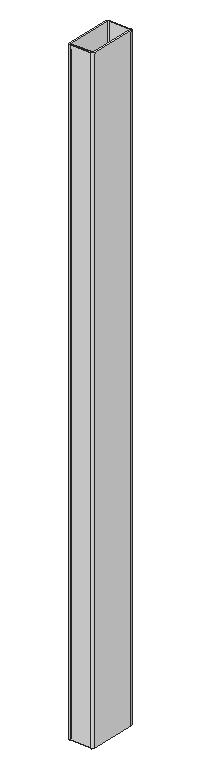
Revit family "RHS-Rectangular Hollow Section-Column", category 구조 기둥, Revit 2026
Family settings
  단면 모양 = 정의되지 않음
  모델 동작 재료 = 스틸
  항상 형상으로 내보내기 = 아니오
  평면의 보 전환 = 경계 상자에서
  로드될 때 보이드를 사용하여 절단 = 아니오
  기호 표현 = 프로젝트 설정에서
  공유 = 아니오
  평면도에서 미리 절단된 패밀리 표시 = 예
Parameters (values of type "200x100xRHS")
  Structural Material [instance] = Metal - Steel - 345 MPa
  A = 28.70 m²
  Ix = 0
  M = 22.6
  Zx = 0
  b = 100 mm
  h = 200 mm
  tr = 2 * t  # 10 mm
  t = 5 mm
Reference planes
  plane 1 "Center (Front/Back)": y = 0
  plane 2: z = 0
  plane 3 "Center (Left/Right)": x = 0
  plane 4: x = -50
  plane 5: x = 50
  plane 6: y = 100
  plane 7: y = -100
  plane 8: x = -40
  plane 9: y = -90
  plane 10: y = 90
  plane 11: x = 40
Forms (mm)
  Extrusion 1, solid, material "Metal - Steel - 345 MPa" <- "Structural Material", detail levels medium
    sketch origin (0, 0, 0) x (1, 0, 0) y (0, 1, 0)
      loop
        line (-50, 100) -> (-50, -100) -> (50, -100) -> (50, 100) -> (-50, 100)
      loop
        line (-45, 95) -> (-45, -95) -> (45, -95) -> (45, 95) -> (-45, 95)
    from 0 to 2500
  Extrusion 2, solid, material "Metal - Steel - 345 MPa" <- "Structural Material", detail levels fine
    sketch origin (0, 0, 0) x (1, 0, 0) y (0, 1, 0)
      loop
        arc (-40, 100) -> (-47.071, 97.071) -> (-50, 90) r 10
        line (-50, 90) -> (-50, -90)
        arc (-50, -90) -> (-47.071, -97.071) -> (-40, -100) r 10
        line (-40, -100) -> (40, -100)
        arc (40, -100) -> (47.071, -97.071) -> (50, -90) r 10
        line (50, -90) -> (50, 90)
        arc (50, 90) -> (47.071, 97.071) -> (40, 100) r 10
        line (40, 100) -> (-40, 100)
      loop
        arc (-40, 95) -> (-43.536, 93.536) -> (-45, 90) r 5
        line (-45, 90) -> (-45, -90)
        arc (-45, -90) -> (-43.536, -93.536) -> (-40, -95) r 5
        line (-40, -95) -> (40, -95)
        arc (40, -95) -> (43.536, -93.536) -> (45, -90) r 5
        line (45, -90) -> (45, 90)
        arc (45, 90) -> (43.536, 93.536) -> (40, 95) r 5
        line (40, 95) -> (-40, 95)
    from 0 to 2500
Lines and regions (mm)
  symbolic lines, style "StructuralColumnStickSymbols", detail levels coarse
    curve 1: line (-50, 100, 0) -> (50, 100, 0)
    curve 2: line (-50, -100, 0) -> (50, -100, 0)
    curve 5: line (-50, 100, 0) -> (-50, -100, 0)
    curve 6: line (50, 100, 0) -> (50, -100, 0)
  symbolic lines, style "Hidden Faces", detail levels medium+fine
    curve 3: line (-45, 0, 0) -> (-45, 0, 2500)
    curve 4: line (45, 0, 2500) -> (45, 0, 0)
Dimensions and locks
  equal spacing: plane 4, plane 3 "Center (Left/Right)", plane 5
  equal spacing: plane 7, plane 1 "Center (Front/Back)", plane 6
  "h": plane 7 to plane 6
  "b": plane 4 to plane 5
  "t": Extrusion 1 sketch curve to plane 5
  "t": plane 4 to Extrusion 1 sketch curve
  "t": Extrusion 1 sketch curve to plane 6
  "t": Extrusion 1 sketch curve to plane 7
  "t": Extrusion 2 sketch curve to plane 6
  "t": Extrusion 2 sketch curve to plane 5
  "t": plane 4 to Extrusion 2 sketch curve
  "t": Extrusion 2 sketch curve to plane 7
  "tr": plane 10 to plane 6
  "tr": plane 7 to plane 9
  "tr": plane 11 to plane 5
  "tr": plane 4 to plane 8
  aligned and locked: plane 6 to Extrusion 1 sketch curve
  aligned and locked: Extrusion 1 sketch curve to plane 7
  aligned and locked: Extrusion 1 sketch curve to plane 4
  aligned and locked: plane 5 to Extrusion 1 sketch curve
  aligned and locked: level to Extrusion 1
  aligned and locked: level to plane 2
  aligned and locked: Extrusion 1 to plane 2
  aligned and locked: curve 1 to Extrusion 2 sketch curve
  aligned and locked: Extrusion 2 sketch curve to Extrusion 1
  aligned and locked: level to Extrusion 2
  aligned and locked: curve 4 to Extrusion 2
  aligned and locked: curve 3 to Extrusion 2
Automatic sketch dimensions
  Extrusion 2 sketch curve to plane 8 = 0 mm  (x4)
  Extrusion 2 sketch curve to plane 7 = 0 mm
  Extrusion 2 sketch curve to plane 11 = 0 mm
  Extrusion 2 sketch curve to plane 10 = 0 mm  (x2)
  Extrusion 2 sketch curve to plane 9 = 0 mm  (x2)
  curve 3 to level = 0 mm  (x2)
  curve 4 to level = 0 mm  (x2)
  curve 5 to plane 4 = 0 mm
  curve 2 to plane 5 = 0 mm
  curve 5 to plane 7 = 0 mm
  curve 5 to plane 6 = 0 mm
